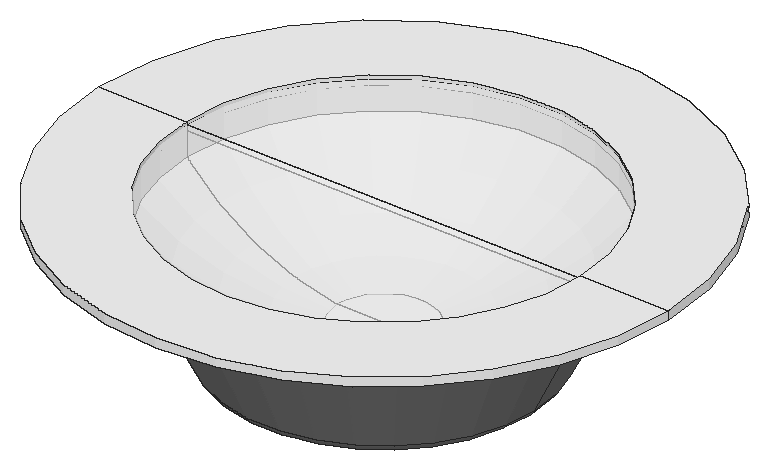
Revit family "0030303", category Lighting Fixtures, host Face, Revit 2017
Family settings
  Host = Face
  Round Connector Dimension = Use Diameter
  Part Type = Normal
  OmniClass Number = 23.80.70.00
  OmniClass Title = Lighting
  Cut with Voids When Loaded = No
  Light Source = Yes
  Shared = No
  Room Calculation Point = No
Parameters (values of type "0030443 INSAVER SLIM UGR19 175 IP44 1075 840 WB")
  WidthBezel_SYL = if(Size1_SYL, 30 mm, if(Size2_SYL, 30 mm, if(Size3PIR_SYL, 30 mm, if(Size4_SYL, 30 mm, 30 mm))))  # 30 mm
  Weight = "6.612 kg"
  Wattage Comments = ""
  Wattage = 9 W
  WarrantyStartDate [instance] = "n/a"
  WarrantyGuarantorParts = "n/a"
  WarrantyDurationUnit = "n/a"
  WarrantyDurationParts = "n/a"
  WarrantyDescription = "n/a"
  built-in parameter 1150110 = 1 (stored number, unit not read)
  Voltage = 0 V
  VisibilityPIR_SYL = no
  URL = "http://www.sylvania-lighting.com"
  TypeName = "Insaver Slim UGR19 175 IP44 1075lm 840 wide bezel"
  Type Image = <None>
  Type Comments = "n/a"
  built-in parameter 1114217 = 1 (stored number, unit not read)
  Tilt Angle = -90.00°
  built-in parameter 1150109 = 1 (stored number, unit not read)
  built-in parameter 1150134 = 12
  built-in parameter 1150113 = 1 (stored number, unit not read)
  Size4_SYL = no
  Size3PIR_SYL = no
  Size2_SYL = yes
  Size1_SYL = no
  SerialNumber [instance] = "n/a"
  RadiusTop_SYL = 6 mm
  RadiusReflector_SYL = if(Size1_SYL, 85 mm, if(Size2_SYL, 85 mm, if(Size3PIR_SYL, 85 mm, if(Size4_SYL, 100 mm, 120 mm))))  # 85 mm
  Photometric Web File = "0030443.ies"
  Material_3_FEILO = Top-Sylvania-STARTDownlight
  PowerFactor = 0.9
  PowerConsumption = "9 W"
  NominalLength = 195 mm
  NominalHeight = 50 mm
  NominalDepth = 195 mm
  Name = "Insaver Slim UGR19 175 IP44 1075lm 840 wide bezel"
  ModelReference = Name  # "Insaver Slim UGR19 175 IP44 1075lm 840 wide bezel"
  ModelNumber = "0030443"
  Model = Name  # "Insaver Slim UGR19 175 IP44 1075lm 840 wide bezel"
  Material = "aluminium housing"
  ManufacturerName = "Feilo Sylvania"
  Manufacturer = "Feilo Sylvania"
  LuminousEfficacy = "119 lm/W"
  built-in parameter 1150105 = 996.54 (stored number, unit not read)
  Lumens = 1071 lm
  LuminaireType = ""
  built-in parameter 1150115 = 1 (stored number, unit not read)
  LightOutputRatio = "n/a"
  built-in parameter 1150137 = (empty or 0)
  built-in parameter 1150139 = (empty or 0)
  LampsType = Lamp  # "LED"
  LampNominalLuminous = "1075 lm"
  LampMacAdamStep = "5"
  LampColourTemperature = "4000 K"
  LampColourRenderingIndex = "80"
  built-in parameter 1150112 = 1 (stored number, unit not read)
  built-in parameter 1150114 = 1 (stored number, unit not read)
  Lamp = "LED"
  Keynote = "16500"
  InstallationDate [instance] = "n/a"
  InputVoltage = "n/a"
  InputNominalFrequency = "n/a"
  built-in parameter 1150132 = (empty or 0)
  built-in parameter 1150102 = (empty or 0)
  built-in parameter 1150107 = 4000 (stored number, unit not read)
  built-in parameter 1150138 = (empty or 0)
  IngressProtection = "IP44/20"
  ImpactProtectionIndex = "IK07"
  built-in parameter 1150106 = 9.9654 (stored number, unit not read)
  IfcExportType = "IfcLightFixtureType"
  IfcExportAs = "IfcLightFixtureType"
  Height_SYL = if(Size1_SYL, 50 mm, if(Size2_SYL, 50 mm, if(Size3PIR_SYL, 50 mm, if(Size4_SYL, 50 mm, 50 mm))))  # 50 mm
  HeightBezel_SYL = if(Size1_SYL, 3 mm, if(Size2_SYL, 3 mm, if(Size3PIR_SYL, 3 mm, if(Size4_SYL, 3.2 mm, 3 mm))))  # 3 mm
  ExpectedLife = 50000
  Emit from Circle Diameter = Diameter_SYL - 40 mm  # 155 mm
  Emit Shape Visible in Rendering = no
  ElectricShockClassification = "Class II"
  built-in parameter 1150104 = 11.055 (stored number, unit not read)
  DurationUnit = "hours"
  DocumentationLiterature = "http://www.sylvania-lighting.com/product/en-int/products/0030443"
  DimmingControlOptions = "n/a"
  Material_2_FEILO = Diffuser-Sylvania-STARTDownlight
  Dimming Lamp Color Temperature Shift = <None>
  Diameter_SYL = if(Size1_SYL, 165 mm, if(Size2_SYL, 195 mm, if(Size3PIR_SYL, 211 mm, if(Size4_SYL, 220 mm, 240 mm))))  # 195 mm
  DiameterTop_SYL = if(Size1_SYL, 98 mm, if(Size2_SYL, 100 mm, if(Size3PIR_SYL, 120 mm, if(Size4_SYL, 135 mm, 158 mm))))  # 100 mm
  DiameterTopBase_SYL = DiameterRecess_SYL  # 140 mm
  DiameterRecess_SYL = 140 mm  # constant formula
  Description = ""
  Default Elevation = 1219.2 mm
  CreatedOn = "11/13/2020"
  CreatedBy = "@sylvania-lighting.com"
  Cost = 0
  Color Filter = 16777215
  built-in parameter 1114216 [instance] = (empty or 0)
  ClassificationValue = "EF_70_80"
  ClassificationName = "Uniclass2015"
  Material_1_FEILO = Trim-Sylvania-STARTDownlight-White
  BarCode [instance] = "n/a"
  built-in parameter 1114218 = 1 (stored number, unit not read)
  built-in parameter 1150133 = 10 (stored number, unit not read)
  AssetType = "Fixed"
  AssetIdentifier [instance] = "n/a"
  Assembly Code = "D5020200"
  Apparent Load = 9 VA
  Material_4_FEILO = LED-Sylvania-STARTDownlight
Types (2, lengths in mm): name | TypeName | built-in parameter 1150134 | Photometric Web File | Name | ModelReference | ModelNumber | Model | LuminousEfficacy | built-in parameter 1150105 | Lumens | LampNominalLuminous | LampColourTemperature | built-in parameter 1150107 | built-in parameter 1150106 | built-in parameter 1150104 | DocumentationLiterature
  0030443 INSAVER SLIM UGR19 175 IP44 1075 840 WB | "Insaver Slim UGR19 175 IP44 1075lm 840 wide bezel" | 12 | "0030443.ies" | "Insaver Slim UGR19 175 IP44 1075lm 840 wide bezel" | "Insaver Slim UGR19 175 IP44 1075lm 840 wide bezel" | "0030443" | "Insaver Slim UGR19 175 IP44 1075lm 840 wide bezel" | "119 lm/W" | 996.54 (stored number, unit not read) | 1071 lm | "1075 lm" | "4000 K" | 4000 (stored number, unit not read) | 9.9654 (stored number, unit not read) | 11.055 (stored number, unit not read) | "http://www.sylvania-lighting.com/product/en-int/products/0030443"
  0030442 INSAVER SLIM UGR19 175 IP44 1050 830 WB | "Insaver Slim UGR19 175 IP44 1050lm 830 wide bezel" | (empty or 0) | "0030442.ies" | "Insaver Slim UGR19 175 IP44 1050lm 830 wide bezel" | "Insaver Slim UGR19 175 IP44 1050lm 830 wide bezel" | "0030442" | "Insaver Slim UGR19 175 IP44 1050lm 830 wide bezel" | "117 lm/W" | 982.22 (stored number, unit not read) | 1053 lm | "1050 lm" | "3000 K" | 3000 (stored number, unit not read) | 9.8222 (stored number, unit not read) | 10.87 (stored number, unit not read) | "http://www.sylvania-lighting.com/product/en-int/products/0030442"
Reference planes
  plane 1 "Center (Front/Back)": y = 0
  plane 2: z = 0
  plane 3 "Center (Left/Right)": x = 0
  plane 4: x = 97.5
  plane 5: x = -97.5
  plane 6: z = 3
  plane 7: z = -8
  plane 8: z = -47
  plane 9: x = -70
  plane 10: x = 70
  plane 11: x = -50
  plane 12: x = 50
  plane 13: z = -85
  plane 14: x = -67.5
  plane 15: z = 2
  plane 16: z = -35
  plane 17: x = -16
  plane 18: x = -82.5
  plane 19: x = -81.5
  plane 20: x = -99.5
  plane 21: x = -91.5
  plane 22: z = 5.5
  plane 23: z = 8.7
  plane 24: x = -90.5
  plane 25: z = 13.7
Forms (mm)
  Revolve 1, void
    sketch origin (0, 0, 0) x (1, 0, 0) y (0, 0, 1)
      loop
        line (0, 0) -> (-70, 0) -> (-70, -85) -> (0, -85) -> (0, 0)
      axis (0, 0) -> (0, -85)
    angle from 360 to 0
  Revolve 2, solid, material "Trim-Sylvania-STARTDownlight-White" <- "Material_1_FEILO"
    sketch origin (0, 0, 0) x (1, 0, 0) y (0, 0, 1)
      loop
        line (-67.5, 3) -> (-97.5, 3) -> (-97.5, 0) -> (-88, 0) -> (-88, -4.843) -> (-70, -4.843) -> (-70, -8) -> (-51.681, -43.768)
        arc (-51.681, -43.768) -> (-49.471, -46.129) -> (-46.357, -47) r 6
        line (-46.357, -47) -> (0, -47) -> (0, -35) -> (-16, -35)
        arc (-16, -35) -> (-44.131, -26.041) -> (-67.5, -8) r 85
        line (-67.5, -8) -> (-67.5, 3)
      axis (0, 3) -> (0, -47)
    angle from 360 to 0
  Revolve 3, solid, material "Diffuser-Sylvania-STARTDownlight" <- "Material_2_FEILO"
    sketch origin (0, 0, 0) x (1, 0, 0) y (0, 0, 1)
      loop
        line (-67.5, 0) -> (0, 0) -> (0, 2) -> (-67.5, 2) -> (-67.5, 0)
      axis (0, 2) -> (0, 0)
    angle from 360 to 0
Dimensions and locks
  equal spacing: plane 4, plane 3 "Center (Left/Right)", plane 5
  "Diameter_SYL": plane 4 to plane 5
  equal spacing: plane 10, plane 3 "Center (Left/Right)", plane 9
  equal spacing: plane 12, plane 3 "Center (Left/Right)", plane 11
  "DiameterTop_SYL": plane 12 to plane 11
  "HeightBezel_SYL": plane 6 to plane 2
  "Height_SYL": plane 6 to plane 8
  locked: plane 2 to plane 7 at 8
  locked: plane 2 to plane 13 at 85
  "WidthBezel_SYL": plane 14 to plane 5
  locked: plane 6 to plane 15 at 1
  "DiameterRecess_SYL": plane 10 to plane 9
  locked: plane 3 "Center (Left/Right)" to plane 17 at 16
  locked: plane 16 to plane 8 at 12
  locked: plane 18 to plane 21 at 9
  locked: plane 22 to plane 6 at 2.5
  locked: plane 23 to plane 22 at 3.2
  locked: plane 18 to plane 24 at 8
  locked: plane 25 to plane 23 at 5
  locked: plane 18 to plane 5 at 15
  "RadiusReflector_SYL": radius of Revolve 2 sketch curve
  "RadiusTop_SYL": radius of Revolve 2 sketch curve
  aligned and locked: plane 2 to host face
  aligned and locked: level to host face
  aligned and locked: Revolve 1 sketch curve to plane 3 "Center (Left/Right)"
  aligned and locked: plane 3 "Center (Left/Right)" to Revolve 1 sketch curve
  aligned and locked: Revolve 1 sketch curve to plane 9
  aligned and locked: plane 13 to Revolve 1 sketch curve
  aligned and locked: plane 3 "Center (Left/Right)" to imposter light
  aligned and locked: imposter light to plane 15
  aligned and locked: imposter light to plane 1 "Center (Front/Back)"
  aligned and locked: Revolve 2 sketch curve to plane 3 "Center (Left/Right)"
  aligned and locked: Revolve 2 sketch curve to plane 6
  aligned and locked: Revolve 2 sketch curve to plane 5
  aligned and locked: Revolve 2 sketch curve to level
  aligned and locked: plane 8 to Revolve 2 sketch curve
  aligned and locked: plane 7 to Revolve 2 sketch curve
  aligned and locked: Revolve 2 sketch curve to plane 14
  aligned and locked: plane 3 "Center (Left/Right)" to Revolve 2 sketch curve
  aligned and locked: Revolve 2 sketch curve to plane 16
  aligned and locked: Revolve 3 sketch curve to plane 3 "Center (Left/Right)"
  aligned and locked: Revolve 3 sketch curve to level
  aligned and locked: imposter light to Revolve 3 sketch curve  (x2)
Automatic sketch dimensions
  host sketch curve to host sketch curve = 2438.4 mm  (x2)
  plane 13 to Revolve 1 sketch curve = 524.6 mm
  Revolve 1 sketch curve to plane 6 = 2606.058 mm
  Revolve 1 sketch curve to level = 0 mm
  Revolve 3 sketch curve to plane 14 = 0 mm
  plane 13 to Revolve 3 sketch curve = 524.6 mm
  Revolve 3 sketch curve to plane 6 = 2606.058 mm
  plane 24 to Revolve 2 sketch curve = 2.5 mm
  Revolve 2 sketch curve to plane 9 = 0 mm
  Revolve 2 sketch curve to plane 7 = 0 mm
  Revolve 2 sketch curve to plane 17 = 0 mm
  Revolve 2 sketch curve to plane 11 = 1.681 mm
  plane 11 to Revolve 2 sketch curve = 3.643 mm
  Revolve 2 sketch curve to Revolve 2 sketch curve = 4.843 mm
  plane 13 to Revolve 2 sketch curve = 524.6 mm
  Revolve 2 sketch curve to Revolve 2 sketch curve = 2577.983 mm
Connectors
  electrical at (0, 0, 0), driven by "Apparent Load", driven by "PowerFactor", driven by "Voltage"
    settings: index 1, voltage 0 V, apparent load 9 VA, apparent load phase1 0 VA, apparent load phase2 0 VA, apparent load phase3 0 VA, power factor 0.9, load classification "Lighting", number of poles 1, system type 30, power factor state 1, is connector primary yes, connector utility no, sub classification motor no, connector description ""
